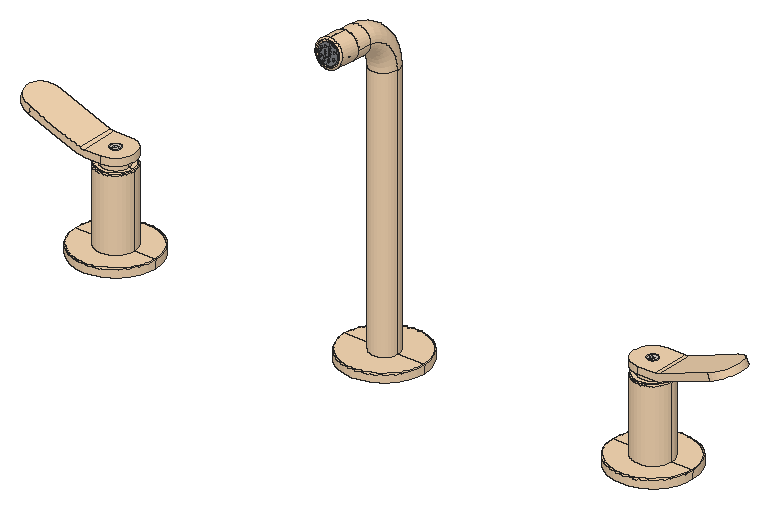
Revit family "Faucet-Wall_Mount-Bath_Spout-KALLISTA-Aileron-P33354", category Plumbing Fixtures, host Face, Revit 2021
Family settings
  Host = Face
  Round Connector Dimension = Use Diameter
  Part Type = Normal
  OmniClass Number = 23.31.11.00
  OmniClass Title = Faucets
  Cut with Voids When Loaded = No
  Shared = No
  Room Calculation Point = No
Parameters (values of type "2MB-Brushed Brass")
  Width [instance] = 15.74803"
  WaterSense Certified = 1 = 0  # no
  Waste Water Outlet = "Waste Water Outlet"  # constant formula
  Waste Connection = 1 = 0  # no
  Vent Connection = 1 = 0  # no
  URL = "https://www.kallista.com/"
  Type = 1
  Spout Reach = 8.88976"  # constant formula
  Product Page URL = ""
  Product Name = "Aileron"  # constant formula
  Product Documentation Link = ""
  Pressure = 4.50 psi  # constant formula
  Model = if(Type = 1, "P33354-LV-2MB", if(Type = 2, "P33354-LV-BGP", if(Type = 3, "P33354-LV-BL", if(Type = 4, "P33354-LV-BLH", if(Type = 5, "P33354-LV-BN", if(Type = 6, "P33341-LV-CP", "NA"))))))  # "P33354-LV-2MB"
  Material = "Premium Metal Construction"  # constant formula
  Master Format 2014 Name = "Residential Faucets, Supplies, and Trim"  # constant formula
  Master Format 2014 = "22 41 39"  # constant formula
  Manufacturer Address = "444 Highland Dr, Kohler, WI 53044"  # constant formula
  Manufacturer = "Kallista Co."  # constant formula
  Length = Spout Reach  # 8.88976"
  Hot Water Inlet = "Hot Water Inlet"  # constant formula
  Height = 2.3622"  # constant formula
  Handle Clearance = 2.55598"  # constant formula
  HW Connection = 1 = 1  # yes
  Flow Rate = 1.2 GPM  # constant formula
  Finish = Kallista-Metal-2MB- Brushed_Brass
  Faucet Hole Spacing [instance] = 15.74803"  # constant formula
  Environmental Product Declaration = ""
  Drain Included = 1 = 1  # yes
  Description = "Wall Mount With Despread Faucet, Elongated"  # constant formula
  Default Elevation = 36"
  Declare Label = ""
  Date Modified = "10/24/2024"  # constant formula
  Date Created = "10/24/2024"  # constant formula
  Copyright = "Copyright Kallista Co."  # constant formula
  Contact Us = "https://www.kallista.com/corporate/contact-us/"
  Cold Water Inlet = "Cold Water Inlet"  # constant formula
  CW Connection = 1 = 1  # yes
  Assembly Code = "D2010"
  ADA Compliant = 1 = 0  # no
Reference planes (in)
  plane 1 "Center (Front/Back)": y = 0
  plane 2: z = 0
  plane 3 "Center (Left/Right)": x = 0
  plane 4: y = 1.1811
  plane 5: y = -1.1811
  plane 6: x = -1.1811
  plane 7: x = 1.1811
  plane 8: x = 6.69291
  plane 9: x = 9.05512
  plane 10: x = -6.69291
  plane 11: x = -9.05512
  plane 12: x = -0.39844
  plane 13: x = 0.3937
  plane 14: z = 3.54331
  plane 15: z = 9.27165
  plane 16: x = -8.4252
  plane 17: x = -7.32283
  plane 18: x = 7.32283
  plane 19: x = 8.4252
  plane 20: through (12.99213, -180, 4.51026) normal (0.342, 0, -0.9397)
  plane 21: through (12.99213, -180, 4.30078) normal (0.342, 0, -0.9397)
  plane 22: z = 2.83021
  plane 23: through (-12.99213, -180, 4.30078) normal (0.342, 0, 0.9397)
  plane 24: through (-12.99213, -180, 4.51026) normal (0.342, 0, 0.9397)
  plane 25: through (0, -2.03132, 9.28253) normal (0, -0.9962, 0.0872)
  plane 26: z = 8.88976
  plane 27: through (0, 1.1811, 8.21294) normal (0, 0.0872, 0.9962)
  plane 28: y = 0.3937
  plane 29: y = -0.3937
  plane 30: x = -7.87402
  plane 31: x = 7.87402
  plane 32: x = -10.43
  plane 33: x = 10.43
  plane 34: y = -2.09397
Forms (in)
  Extrusion 1, solid, material "Kallista-Metal-2MB- Brushed_Brass" <- "Finish", detail levels medium+fine
    sketch origin (0, 0, 0) x (1, 0, 0) y (0, 1, 0)
      loop
        circle (7.87402, 0) r 0.03937
    from 0 to 0.03248
  Extrusion 2, solid, material "Kallista-Metal-2MB- Brushed_Brass" <- "Finish", detail levels medium+fine
    sketch origin (0, 0, 0) x (1, 0, 0) y (0, 1, 0)
      loop
        circle (-7.87402, 0) r 0.03937
    from 0 to 0.03137
Dimensions and locks (in)
  plane 15 to level = 9.27165"
  plane 6 to plane 7 = 2.3622"  (x2)
  plane 12 to plane 13 = 0.79214"
  plane 8 to plane 9 = 2.3622"
  plane 11 to plane 10 = 2.3622"
  "Height": plane 4 to plane 5
  "Length": level to plane 26
  level to plane 15 = 9.27165"
  equal spacing: plane 30, plane 3 "Center (Left/Right)", plane 31
  "Width": plane 30 to plane 31
  plane 16 to plane 30 = 0.55118"
  plane 11 to plane 30 = 1.1811"
  "Handle Clearance": plane 32 to plane 30
  plane 30 to plane 17 = 0.55118"
  plane 30 to plane 10 = 1.1811"
  "Handle Clearance": plane 31 to plane 33
  plane 31 to plane 9 = 1.1811"
  plane 31 to plane 19 = 0.55118"
  plane 18 to plane 31 = 0.55118"
  plane 8 to plane 31 = 1.1811"
  aligned and locked: plane 2 to host face
  aligned and locked: level to host face
  aligned and locked: plane 3 "Center (Left/Right)" to nested 1
  aligned and locked: plane 1 "Center (Front/Back)" to nested 1
  aligned and locked: nested 3 to plane 30
  aligned and locked: nested 2 to plane 31
Automatic sketch dimensions
  host sketch curve to host sketch curve = 96"  (x2)
  plane 1 "Center (Front/Back)" to Extrusion 1 sketch curve = 0"
  Extrusion 1 sketch curve to plane 31 = 0"
  plane 1 "Center (Front/Back)" to Extrusion 2 sketch curve = 0"
  Extrusion 2 sketch curve to plane 30 = 0"
  radius of Extrusion 1 sketch curve = 0.03937"
  radius of Extrusion 2 sketch curve = 0.03937"
Nested families (in)
  nested 1: "P33354_Spout" at (0, 0, 0), type "P33354_Faucet"
  nested 2: "P33354_Handle" at (7.87402, 0, 0), type "P33354_Handle"
  nested 3: "P33354_Handle" at (-7.87402, 0, 0) x (-1, 0, 0) z (0, 0, 1), type "P33354_Handle"
Connectors (in)
  piping at (-7.87402, 0, 0), diameter 0.5, driven by "Flow Rate", driven by "Pressure", driven by "HW Connection", driven by "Hot Water Inlet"
    settings: on Extrusion 2, index 1, connector inside diameter 24", connector length 0", flow factor 0, pipe flow 1.2 GPM, pressure drop 4.50 psi, fitting loss kfactor 0, connector angle 0.00°, fixture units 0, engagement length 0", angle of deflection 0.00°, flow configuration 1, flow direction 1, fitting loss method 4, system type 19, joint type 0, gender type 0, connector reference index -1, connector utility 1, adjustable connector no, is connector primary yes, connector description "Hot Water Inlet"
  piping at (7.87402, 0, 0), diameter 0.5, driven by "Flow Rate", driven by "Pressure", driven by "CW Connection", driven by "Cold Water Inlet"
    settings: on Extrusion 1, index 2, connector inside diameter 24", connector length 0", flow factor 0, pipe flow 1.2 GPM, pressure drop 4.50 psi, fitting loss kfactor 0, connector angle 0.00°, fixture units 0, engagement length 0", angle of deflection 0.00°, flow configuration 1, flow direction 1, fitting loss method 4, system type 20, joint type 0, gender type 0, connector reference index -1, connector utility 1, adjustable connector no, is connector primary no, connector description "Cold Water Inlet"
Definition of nested family "P33354_Spout"
  Parameters
    Material = none
    Default Elevation = 0"
  Reference planes (in)
    plane 1 "Center (Front/Back)": y = 0
    plane 2: z = 0
    plane 3 "Center (Left/Right)": x = 0
    plane 4: x = -3.93701
    plane 5: x = 3.93701
    plane 6: y = 1.1811
    plane 7: y = -1.1811
    plane 8: x = 2.75591
    plane 9: x = 5.11811
    plane 10: x = -5.11811
    plane 11: x = -2.75591
    plane 12: x = -1.1811
    plane 13: x = 1.1811
    plane 14: z = 9.27165
    plane 15: z = 8.88976
    plane 16: through (0, -2.07337, 8.88976) normal (0, 0.0872, 0.9962)
    plane 17: y = -0.3937
    plane 18: y = 0.3937
    plane 19: y = 0.55118
    plane 20: y = -0.55118
    plane 21 "R": through (0, -2.06574, 8.8891) normal (0, 0.9962, -0.0872)
    plane 22: x = -0.3937
    plane 23: x = 0.3937
    plane 24: x = -0.3937
    plane 25: x = 0.3937
    plane 26: through (0, -1.1811, 9.20379) normal (0, 0.0872, 0.9962)
    plane 27: through (0, -1.24919, 8.42556) normal (0, 0.0872, 0.9962)
    plane 28: y = -2.09397
  Forms (in)
    Revolve 1, solid, material <- "Material", detail levels medium+fine
      sketch origin (0, 0, 0) x (1, 0, 0) y (0, 0, 1)
        loop
          line (0, 0.00541) -> (1.1811, 0.00541) -> (1.1811, 0.2222)
          arc (1.1811, 0.2222) -> (1.17534, 0.23611) -> (1.16142, 0.24188) r 0.01969
          line (1.16142, 0.24188) -> (0, 0.24188) -> (0, 0.00541)
        axis (0, 0.00541) -> (0, 0.24188)
      angle from 0 to 360
    Sweep 2, solid, material <- "Material", detail levels medium+fine
      path origin (0, 0, 0) x (0, 1, 0) y (0, 0, 1)
        loop
          line (-1.43996, 8.83435) -> (-1.00629, 8.79641)
          arc (-1.00629, 8.79641) -> (-0.28962, 8.44298) -> (0, 7.69824) r 1.10236
          line (0, 7.69824) -> (0, 0.23376)
      profile origin (0, 0, 0.23376) x (1, 0, 0) y (0, 1, 0)
        loop
          circle (0, 0) r 0.3937
    Revolve 3, solid, material <- "Material", detail levels medium+fine
      sketch origin (0, 0, 0) x (0, 1, 0) y (0, 0, 1)
        loop
          line (-1.43844, 8.83421) -> (-1.40605, 9.20443) -> (-1.42611, 9.22834) -> (-1.99338, 9.27797)
          arc (-1.99338, 9.27797) -> (-2.02126, 9.26918) -> (-2.03476, 9.24325) r 0.0382
          line (-2.03476, 9.24325) -> (-2.06574, 8.8891) -> (-1.43844, 8.83421)
        axis (-1.43844, 8.83421) -> (-2.06574, 8.8891)
      angle from 0 to 360
    Revolve 4, void
      sketch origin (0, 0, 0) x (0, 1, 0) y (0, 0, 1)
        loop
          line (-1.51745, 8.84113) -> (-1.48922, 9.16377) -> (-2.04514, 9.21241) -> (-2.07337, 8.88976) -> (-1.51745, 8.84113)
        axis (-1.51745, 8.84113) -> (-2.07337, 8.88976)
      angle from 0 to 360
    Revolve 5, solid, detail levels medium+fine
      sketch origin (0, 0, 0) x (0, 1, 0) y (0, 0, 1)
        loop
          line (-1.51745, 8.84113) -> (-1.49246, 9.12676) -> (-2.04075, 9.17473) -> (-2.06574, 8.8891) -> (-1.51745, 8.84113)
        axis (-1.51745, 8.84113) -> (-2.06574, 8.8891)
      angle from 0 to 360
    Extrusion 6, void
      sketch origin (0, -2.82184, 0.24688) x (0, -0.087156, -0.996195) y (-1, 0, 0)
        loop
          circle (-8.84247, -0.05622) r 0.03937
        loop
          circle (-8.76225, -0.19518) r 0.03937
        loop
          circle (-8.73304, -0.08616) r 0.03937
        loop
          circle (-8.70619, 0.06612) r 0.03937
        loop
          circle (-8.84657, 0.06612) r 0.03937
        loop
          circle (-8.78326, 0.17577) r 0.03937
        loop
          circle (-8.69251, 0.22817) r 0.03937
        loop
          circle (-8.5796, 0.06692) r 0.03937
        loop
          circle (-8.5796, 0.18815) r 0.03937
        loop
          circle (-8.47664, 0.08519) r 0.03937
        loop
          circle (-8.61583, -0.05401) r 0.03937
        loop
          circle (-8.57813, -0.19472) r 0.03937
        loop
          circle (-8.50209, -0.06301) r 0.03937
      from -0.33233 to 0.26894
    Revolve 7, solid, material <- "Material", detail levels coarse
      sketch origin (0, 0, 0) x (0, 1, 0) y (0, 0, 1)
        loop
          line (1.1811, 0.2414) -> (0, 0.2414) -> (0, 0) -> (1.1811, 0) -> (1.1811, 0.2414)
        axis (0, 0) -> (0, 0.2414)
      angle from 0 to 360
    Sweep 8, solid, material <- "Material", detail levels coarse
      path origin (0, 0, 0) x (0, 1, 0) y (0, 0, 1)
        loop
          line (-2.06574, 8.8891) -> (-1.07816, 8.80269)
          arc (-1.07816, 8.80269) -> (-0.3103, 8.42403) -> (0, 7.62609) r 1.1811
          line (0, 7.62609) -> (0, 0.2414)
      profile origin (0, 0, 0.2414) x (1, 0, 0) y (0, 1, 0)
        loop
          circle (-0.00237, -0.00114) r 0.39607
  Cuts and joins
    Revolve 4 cuts Revolve 3
    joined: Sweep 2, Revolve 3
    Extrusion 6 cuts Revolve 5
  Lines and regions (in)
    Masking region 1
      outline origin (0, 0, 0) x (1, 0, 0) y (0, 0, 1)
        loop
          line (-1.1811, 0.17912) -> (-1.1811, 0) -> (1.1811, 0) -> (1.1811, 0.21391)
          arc (1.1811, 0.21391) -> (1.17304, 0.23338) -> (1.15357, 0.24145) r 0.02754
          line (1.15357, 0.24145) -> (0.3937, 0.24145) -> (0.3937, 8.88036)
          arc (0.3937, 8.88036) -> (0, 9.27406) -> (-0.3937, 8.88036) r 0.3937
          line (-0.3937, 8.88036) -> (-0.3937, 0.24145) -> (-1.11878, 0.24145)
          arc (-1.11878, 0.24145) -> (-1.16285, 0.22319) -> (-1.1811, 0.17912) r 0.06233
    Masking region 2
      outline origin (0, 0, 0) x (1, 0, 0) y (0, 1, 0)
        loop
          arc (0.3937, -1.11355) -> (0.52857, -1.05623) -> (0.65529, -0.98265) r 1.1811
          arc (0.65529, -0.98265) -> (-0.14626, 1.17201) -> (-0.3937, -1.11355) r 1.1811
          line (-0.3937, -1.11355) -> (-0.3937, -1.43225)
          arc (-0.3937, -1.43225) -> (-0.38242, -1.44524) -> (-0.36553, -1.44852) r 0.02638
          arc (-0.36553, -1.44852) -> (-0.38036, -1.45535) -> (-0.3937, -1.46478) r 0.0889
          line (-0.3937, -1.46478) -> (-0.3937, -2.0201)
          arc (-0.3937, -2.0201) -> (-0.37414, -2.05083) -> (-0.34342, -2.07039) r 0.08403
          arc (-0.34342, -2.07039) -> (-0.24016, -2.08322) -> (-0.13644, -2.0915) r 2.36663
          arc (-0.13644, -2.0915) -> (-0.03518, -2.09517) -> (0.06615, -2.09451) r 2.36663
          arc (0.06615, -2.09451) -> (0.20514, -2.08653) -> (0.34342, -2.07039) r 2.36663
          arc (0.34342, -2.07039) -> (0.37414, -2.05083) -> (0.3937, -2.0201) r 0.08403
          line (0.3937, -2.0201) -> (0.3937, -1.46478)
          arc (0.3937, -1.46478) -> (0.38036, -1.45535) -> (0.36553, -1.44852) r 0.0889
          arc (0.36553, -1.44852) -> (0.38242, -1.44524) -> (0.3937, -1.43225) r 0.02638
          line (0.3937, -1.43225) -> (0.3937, -1.11355)
    Masking region 3
      outline origin (0, 0, 0) x (0, 1, 0) y (0, 0, 1)
        loop
          line (-0.3937, 7.53545) -> (-0.3937, 0.2414) -> (-1.16142, 0.2414)
          arc (-1.16142, 0.2414) -> (-1.17534, 0.23564) -> (-1.1811, 0.22172) r 0.01969
          line (-1.1811, 0.22172) -> (-1.1811, 0) -> (1.1811, 0) -> (1.1811, 0.22172)
          arc (1.1811, 0.22172) -> (1.17534, 0.23564) -> (1.16142, 0.2414) r 0.01969
          line (1.16142, 0.2414) -> (0.3937, 0.2414) -> (0.3937, 7.62609)
          arc (0.3937, 7.62609) -> (-0.02004, 8.69001) -> (-1.04385, 9.1949) r 1.5748
          line (-1.04385, 9.1949) -> (-1.40565, 9.22655) -> (-1.40839, 9.19517) -> (-1.42651, 9.22379) -> (-1.97969, 9.27219)
          arc (-1.97969, 9.27219) -> (-2.00822, 9.26926) -> (-2.03364, 9.25598) r 0.07609
          line (-2.03364, 9.25598) -> (-2.09784, 8.52222)
          arc (-2.09784, 8.52222) -> (-2.07511, 8.50472) -> (-2.04752, 8.49688) r 0.07609
          line (-2.04752, 8.49688) -> (-1.49434, 8.44848) -> (-1.47153, 8.47352) -> (-1.47428, 8.44215) -> (-1.28373, 8.42548)
          arc (-1.28373, 8.42548) -> (-0.65438, 8.1648) -> (-0.3937, 7.53545) r 0.89003
    symbolic lines, detail levels medium+fine
      curve 1: line (-0.3937, 0, 0.24145) -> (0.3937, 0, 0.24145)
      curve 2: line (-1.1811, 0, 0.17912) -> (1.1811, 0, 0.17912)
      curve 3: line (0.3937, -0.00114, 0) -> (0.3937, -1.11403, 0)
      curve 4: line (-0.39844, -1.11403, 0) -> (-0.39844, -0.00114, 0)
      curve 5: arc (-0.39844, -0.00114, 0) -> (-0.00237, 0.39493, 0) -> (0.3937, -0.00114, 0) r 0.39607
      curve 6: arc (-0.37388, -2.05108, 0) -> (0.00089, -2.02255, 0) -> (0.37566, -2.05108, 0) r 2.47591
      curve 7: spline (-0.35136, -2.06703, 0) -> (-0.33939, -2.06404, 0) -> (-0.30429, -2.06126, 0) -> (-0.24845, -2.05887, 0) -> (-0.17568, -2.05703, 0) -> (-0.09094, -2.05588, 0) -> (0, -2.05548, 0) -> (0.09094, -2.05588, 0) -> (0.17568, -2.05703, 0) -> (0.24845, -2.05887, 0) -> (0.30429, -2.06126, 0) -> (0.33939, -2.06404, 0) -> (0.35136, -2.06703, 0) -> (0.33939, -2.07002, 0) -> (0.30429, -2.0728, 0) -> (0.24845, -2.0752, 0) -> (0.17568, -2.07703, 0) -> (0.09094, -2.07819, 0) -> (0, -2.07858, 0) -> (-0.09094, -2.07819, 0) -> (-0.17568, -2.07703, 0) -> (-0.24845, -2.0752, 0) -> (-0.30429, -2.0728, 0) -> (-0.33939, -2.07002, 0) -> (-0.35136, -2.06703, 0)
      curve 8: arc (-0.39844, -1.11403, 0) -> (-0.00237, -1.18344, 0) -> (0.3937, -1.11403, 0) r 1.16478
      curve 9: line (-0.36553, -1.44852, 0) -> (0.37497, -1.44852, 0)
      curve 10: line (-0.3937, -1.43225, 0) -> (0.37374, -1.43225, 0)
      curve 11: line (-0.3937, -1.46478, 0) -> (0.3937, -1.46478, 0)
      curve 12: line (-0.3937, -1.46478, 0) -> (0.37566, -2.05108, 0)
      curve 13: line (-0.32933, -1.46478, 0) -> (0.37322, -2.00017, 0)
      curve 14: line (-0.26496, -1.46478, 0) -> (0.3937, -1.96672, 0)
      curve 15: line (-0.20059, -1.46478, 0) -> (0.3937, -1.91767, 0)
      curve 16: line (-0.13622, -1.46478, 0) -> (0.3937, -1.86861, 0)
      curve 17: line (-0.07185, -1.46478, 0) -> (0.3937, -1.81956, 0)
      curve 18: line (-0.00748, -1.46478, 0) -> (0.3937, -1.77051, 0)
      curve 19: line (0.05689, -1.46478, 0) -> (0.3937, -1.72145, 0)
      curve 20: line (0.12126, -1.46478, 0) -> (0.3937, -1.6724, 0)
      curve 21: line (0.18563, -1.46478, 0) -> (0.3937, -1.62335, 0)
      curve 22: line (0.25, -1.46478, 0) -> (0.3937, -1.57429, 0)
      curve 23: line (0.18563, -1.46478, 0) -> (0.3937, -1.62335, 0)
      curve 24: line (0.12009, -1.46478, 0) -> (0.38159, -1.66406, 0)
      curve 25: line (-0.3937, -1.51307, 0) -> (0.2984, -2.04049, 0)
      curve 26: line (-0.37858, -1.57289, 0) -> (0.22481, -2.0327, 0)
      curve 27: line (-0.3937, -1.60965, 0) -> (0.15437, -2.02732, 0)
      curve 28: line (-0.3937, -1.65794, 0) -> (0.08671, -2.02404, 0)
      curve 29: line (-0.3937, -1.707, 0) -> (0.02049, -2.02263, 0)
      curve 30: line (-0.3937, -1.75605, 0) -> (-0.04346, -2.02295, 0)
      curve 31: line (-0.3937, -1.80434, 0) -> (-0.10441, -2.02479, 0)
      curve 32: line (-0.3937, -1.85339, 0) -> (-0.16447, -2.02808, 0)
      curve 33: line (-0.3937, -1.90245, 0) -> (-0.2228, -2.03268, 0)
      curve 34: line (-0.39453, -1.92351, 0) -> (-0.27955, -2.03849, 0)
      curve 35: line (-0.3937, -1.9815, 0) -> (-0.31353, -2.0426, 0)
      curve 36: line (-0.37388, -2.05108, 0) -> (0.3937, -1.46478, 0)
      curve 37: line (-0.29934, -2.04082, 0) -> (0.3937, -1.51146, 0)
      curve 38: line (-0.22657, -2.03302, 0) -> (0.3937, -1.55925, 0)
      curve 39: line (-0.1569, -2.02759, 0) -> (0.3937, -1.60703, 0)
      curve 40: line (-0.08993, -2.02422, 0) -> (0.3937, -1.65481, 0)
      curve 41: line (-0.02538, -2.02269, 0) -> (0.3937, -1.70259, 0)
      curve 42: line (0.03701, -2.02282, 0) -> (0.3937, -1.75037, 0)
      curve 43: line (0.09745, -2.02444, 0) -> (0.3937, -1.79815, 0)
      curve 44: line (0.15609, -2.02742, 0) -> (0.3937, -1.84593, 0)
      curve 45: line (0.2131, -2.03167, 0) -> (0.3937, -1.89372, 0)
      curve 46: line (0.26161, -2.03632, 0) -> (0.3937, -1.93542, 0)
      curve 47: line (0.31733, -2.04286, 0) -> (0.37322, -2.00017, 0)
      curve 48: line (-0.3937, -2.01844, 0) -> (0.33115, -1.46478, 0)
      curve 49: line (-0.3937, -1.97066, 0) -> (0.26859, -1.46478, 0)
      curve 50: line (-0.39453, -1.92351, 0) -> (0.20603, -1.46478, 0)
      curve 51: line (-0.3937, -1.87509, 0) -> (0.14348, -1.46478, 0)
      curve 52: line (-0.3937, -1.82731, 0) -> (0.08092, -1.46478, 0)
      curve 53: line (-0.3937, -1.77953, 0) -> (0.01837, -1.46478, 0)
      curve 54: line (-0.3937, -1.73175, 0) -> (-0.04419, -1.46478, 0)
      curve 55: line (-0.3937, -1.68265, 0) -> (-0.10847, -1.46478, 0)
      curve 56: line (-0.3937, -1.63354, 0) -> (-0.17276, -1.46478, 0)
      curve 57: line (-0.37858, -1.57289, 0) -> (-0.23704, -1.46478, 0)
      curve 58: line (-0.3937, -1.53534, 0) -> (-0.30133, -1.46478, 0)
      curve 59: arc (-0.39844, -0.00114, 0) -> (-0.00237, 0.31356, 0) -> (0.3937, -0.00114, 0) r 0.40659
      curve 60: line (-0.39844, -1.06482, 0) -> (0.3937, -1.06482, 0)
      curve 61: line (0, 0.3937, 0.2414) -> (0, -0.3937, 0.2414)
      curve 62: line (0, 1.1811, 0.22172) -> (0, -1.1811, 0.22172)
      curve 63: line (0, 0.3937, 7.62609) -> (0, -0.3937, 7.62609)
      curve 64: line (0, -1.40839, 9.19517) -> (0, -1.47153, 8.47353)
      curve 65: line (0, -1.1811, 9.20691) -> (0, -1.1811, 8.41954)
      curve 66: line (0, -1.47153, 8.47353) -> (0, -1.97969, 9.27219)
      curve 67: line (0, -1.49937, 8.44569) -> (0, -2.02773, 9.26023)
      curve 68: line (0, -1.54978, 8.45333) -> (0, -2.03537, 9.21651)
      curve 69: line (0, -1.59802, 8.45755) -> (0, -2.04239, 9.15596)
      curve 70: line (0, -1.64626, 8.46177) -> (0, -2.0479, 9.09302)
      curve 71: line (0, -1.69449, 8.46599) -> (0, -2.05341, 9.03009)
      curve 72: line (0, -1.74273, 8.47021) -> (0, -2.05891, 8.96715)
      curve 73: line (0, -1.79097, 8.47443) -> (0, -2.06442, 8.90421)
      curve 74: line (0, -1.8392, 8.47865) -> (0, -2.06992, 8.84127)
      curve 75: line (0, -1.88744, 8.48287) -> (0, -2.07543, 8.77833)
      curve 76: line (0, -1.93568, 8.48709) -> (0, -2.08094, 8.71539)
      curve 77: line (0, -1.98392, 8.49131) -> (0, -2.08644, 8.65246)
      curve 78: line (0, -2.03215, 8.49553) -> (0, -2.09195, 8.58952)
      curve 79: line (0, -1.46602, 8.53647) -> (0, -1.93145, 9.26797)
      curve 80: line (0, -1.46052, 8.5994) -> (0, -1.88322, 9.26375)
      curve 81: line (0, -1.45501, 8.66234) -> (0, -1.83498, 9.25953)
      curve 82: line (0, -1.44951, 8.72528) -> (0, -1.78674, 9.25531)
      curve 83: line (0, -1.444, 8.78822) -> (0, -1.73851, 9.25109)
      curve 84: line (0, -1.43849, 8.85116) -> (0, -1.69027, 9.24687)
      curve 85: line (0, -1.43299, 8.9141) -> (0, -1.64203, 9.24265)
      curve 86: line (0, -1.42748, 8.97703) -> (0, -1.59379, 9.23843)
      curve 87: line (0, -1.42197, 9.03997) -> (0, -1.54556, 9.23421)
      curve 88: line (0, -1.41647, 9.10291) -> (0, -1.49732, 9.22999)
      curve 89: line (0, -1.41096, 9.16585) -> (0, -1.44908, 9.22577)
      curve 90: line (0, -1.40839, 9.19517) -> (0, -2.10193, 8.50164)
      curve 91: line (0, -1.42953, 9.22839) -> (0, -2.09421, 8.56371)
      curve 92: line (0, -1.43473, 9.22451) -> (0, -2.09408, 8.56517)
      curve 93: line (0, -1.48593, 9.22899) -> (0, -2.08874, 8.62618)
      curve 94: line (0, -1.53713, 9.23347) -> (0, -2.0834, 8.6872)
      curve 95: line (0, -1.58833, 9.23795) -> (0, -2.07807, 8.74821)
      curve 96: line (0, -1.63953, 9.24243) -> (0, -2.07273, 8.80923)
      curve 97: line (0, -1.69073, 9.24691) -> (0, -2.06739, 8.87025)
      curve 98: line (0, -1.74192, 9.25139) -> (0, -2.06205, 8.93126)
      curve 99: line (0, -1.79312, 9.25587) -> (0, -2.05671, 8.99228)
      curve 100: line (0, -1.84432, 9.26035) -> (0, -2.05137, 9.05329)
      curve 101: line (0, -1.89552, 9.26483) -> (0, -2.04604, 9.11431)
      curve 102: line (0, -1.94672, 9.26931) -> (0, -2.0407, 9.17533)
      curve 103: line (0, -1.41361, 9.13561) -> (0, -2.05195, 8.49727)
      curve 104: line (0, -1.41894, 9.0746) -> (0, -2.00075, 8.49279)
      curve 105: line (0, -1.42428, 9.01358) -> (0, -1.94955, 8.48831)
      curve 106: line (0, -1.42962, 8.95256) -> (0, -1.89836, 8.48383)
      curve 107: line (0, -1.43496, 8.89155) -> (0, -1.84716, 8.47935)
      curve 108: line (0, -1.44017, 8.83199) -> (0, -1.79718, 8.47498)
      curve 109: line (0, -1.44551, 8.77097) -> (0, -1.74598, 8.4705)
      curve 110: line (0, -1.45085, 8.70995) -> (0, -1.69478, 8.46602)
      curve 111: line (0, -1.45618, 8.64894) -> (0, -1.64358, 8.46154)
      curve 112: line (0, -1.45996, 8.60579) -> (0, -1.60738, 8.45837)
      curve 113: line (0, -1.45996, 8.60579) -> (0, -1.60738, 8.45837)
  Dimensions and locks (in)
    aligned and locked: plane 2 to level
Definition of nested family "P33354_Handle"
  Parameters
    Material = none
    Handle Height [instance] = 3.54331"
    Default Elevation = 0"
  Reference planes (in)
    plane 1 "Center (Front/Back)": y = 0
    plane 2: z = 0
    plane 3 "Center (Left/Right)": x = 0
    plane 4: x = -3.93701
    plane 5: x = 3.93701
    plane 6: y = 1.1811
    plane 7: y = -1.1811
    plane 8: x = 2.75591
    plane 9: x = 5.11811
    plane 10: x = -5.11811
    plane 11: x = -2.75591
    plane 12: x = -1.1811
    plane 13: x = 1.1811
    plane 14: z = 9.27165
    plane 15: z = 8.88976
    plane 16: through (0, -2.07337, 8.88976) normal (0, 0.0872, 0.9962)
    plane 17: y = -0.3937
    plane 18: y = 0.3937
    plane 19: y = 0.55118
    plane 20: y = -0.55118
    plane 21: z = 3.54331
    plane 22: z = 2.36839
    plane 23: z = 2.83021
    plane 24: x = 0.55118
    plane 25: x = -0.55118
    plane 26: through (2.2361, -180, 3.4613) normal (-0.342, 0, 0.9397)
    plane 27: through (2.30342, -180, 3.27632) normal (-0.342, 0, 0.9397)
    plane 28: x = -0.55118
    plane 29: x = 2.55599
  Forms (in)
    Revolve 1, solid, material <- "Material", detail levels medium+fine
      sketch origin (0, 0, 0) x (1, 0, 0) y (0, 0, 1)
        loop
          line (0, 2.37761) -> (-0.51598, 2.37761) -> (-0.53902, 2.35457)
          arc (-0.53902, 2.35457) -> (-0.54802, 2.3411) -> (-0.55118, 2.32521) r 0.04153
          line (-0.55118, 2.32521) -> (-0.55118, 0.24206) -> (0, 0.24206) -> (0, 2.37761)
        axis (0, 0.24206) -> (0, 2.37761)
      angle from 0 to 360
    Revolve 2, solid, material <- "Material", detail levels medium+fine
      sketch origin (0, 0, 0) x (1, 0, 0) y (0, 0, 1)
        loop
          line (0, 0.24206) -> (-1.16142, 0.24206)
          arc (-1.16142, 0.24206) -> (-1.17534, 0.23629) -> (-1.1811, 0.22237) r 0.01969
          line (-1.1811, 0.22237) -> (-1.1811, 0) -> (0, 0) -> (0, 0.24206)
        axis (0, 0) -> (0, 0.24206)
      angle from 0 to 360
    Revolve 3, solid, material <- "Material", detail levels medium+fine
      sketch origin (0, 0, 0) x (1, 0, 0) y (0, 0, 1)
        loop
          line (0, 2.37761) -> (0.39323, 2.37761) -> (0.39323, 2.50156)
          arc (0.39323, 2.50156) -> (0.41364, 2.55848) -> (0.46557, 2.58946) r 0.08958
          line (0.46557, 2.58946) -> (0, 2.58946) -> (0, 2.37761)
        axis (0, 2.37761) -> (0, 2.58946)
      angle from 0 to 360
    Sweep 4, solid, material <- "Material"
      path origin (0, 0, 0) x (1, 0, 0) y (0, 0, 1)
        loop
          line (-2.27206, 2.58331) -> (0.48384, 2.58331)
          arc (0.48384, 2.58331) -> (0.58674, 2.59255) -> (0.68635, 2.61996) r 0.57777
          line (0.68635, 2.61996) -> (3.91751, 3.82917)
      profile origin (-2.27206, 0, 2.58331) x (0, 0, -1) y (0, -1, 0)
        loop
          line (-0.19654, -0.55118) -> (0, -0.55118) -> (0, 0.55118) -> (-0.19654, 0.55118) -> (-0.19654, -0.55118)
    Extrusion 5, void
      sketch origin (0, 0, 0) x (1, 0, 0) y (0, 1, 0)
        loop
          line (0, 0.55118) -> (0, 0.88357) -> (-3.28265, 0.88357) -> (-3.28265, -1.47863) -> (0, -1.47863) -> (0, -0.55118)
          arc (0, -0.55118) -> (-0.55118, 0) -> (0, 0.55118) r 0.55118
      from 2.37761 to 4.80094
    Extrusion 6, void
      sketch origin (-0.77572, 0, 2.0728) x (0.936565, 0, 0.350495) y (0, -1, 0)
        loop
          line (3.08612, -0.55118) -> (2.38681, -0.55118) -> (2.38681, -0.94488) -> (5.16682, -0.94488) -> (5.16682, 0.94488) -> (2.38681, 0.94488) -> (2.38681, 0.55118) -> (3.08612, 0.55118)
          arc (3.08612, 0.55118) -> (3.6373, 0) -> (3.08612, -0.55118) r 0.55118
      from -0.5997 to 0.58587
    Extrusion 7, void
      sketch origin (0, 0, 0) x (1, 0, 0) y (0, 1, 0)
        loop
          circle (0, 0) r 0.15706
      from 2.6188 to 3.2359
    Extrusion 8, solid, detail levels medium+fine
      sketch origin (0, 0, 0) x (1, 0, 0) y (0, 1, 0)
        loop
          circle (0, 0) r 0.1378
      from 2.6188 to 2.77985
    Extrusion 9, void
      sketch origin (0, 0, 0) x (1, 0, 0) y (0, 1, 0)
        loop
          line (0.05666, -0.03967) -> (0.06269, 0.02923) -> (0.00603, 0.0689) -> (-0.05666, 0.03967) -> (-0.06269, -0.02923) -> (-0.00603, -0.0689) -> (0.05666, -0.03967)
      from 2.6188 to 3.13696
    Revolve 10, solid, material <- "Material", detail levels coarse
      sketch origin (0, 0, 0) x (1, 0, 0) y (0, 0, 1)
        loop
          line (0, 0.29174) -> (-1.1811, 0.29174) -> (-1.1811, 0) -> (0, 0) -> (0, 0.29174)
        axis (0, 0) -> (0, 0.29174)
      angle from 0 to 360
    Revolve 11, solid, material <- "Material", detail levels coarse
      sketch origin (0, 0, 0) x (1, 0, 0) y (0, 0, 1)
        loop
          line (0, 2.42683) -> (-0.55118, 2.42683) -> (-0.55118, 0.29174) -> (0, 0.29174) -> (0, 2.42683)
        axis (0, 0.29174) -> (0, 2.42683)
      angle from 0 to 360
    Revolve 12, solid, material <- "Material", detail levels coarse
      sketch origin (0, 0, 0) x (1, 0, 0) y (0, 0, 1)
        loop
          line (0, 2.58331) -> (-0.44935, 2.58331)
          arc (-0.44935, 2.58331) -> (-0.40832, 2.54659) -> (-0.39309, 2.49368) r 0.09953
          line (-0.39309, 2.49368) -> (-0.39309, 2.42683) -> (0, 2.42683) -> (0, 2.58331)
        axis (0, 2.42683) -> (0, 2.58331)
      angle from 0 to 360
  Cuts and joins
    joined: Revolve 1, Revolve 2
    Extrusion 5, Extrusion 6, Extrusion 7 cuts Sweep 4
    Extrusion 9 cuts Extrusion 8
  Lines and regions (in)
    Masking region 1
      outline origin (0, 0, 0) x (0, 1, 0) y (0, 0, 1)
        loop
          arc (0.55118, 3.31006) -> (0.47693, 3.37972) -> (0.3937, 3.43835) r 0.72892
          arc (0.3937, 3.43835) -> (0.20433, 3.51889) -> (0, 3.54331) r 0.72892
          arc (0, 3.54331) -> (-0.18716, 3.51445) -> (-0.36058, 3.43835) r 0.72892
          arc (-0.36058, 3.43835) -> (-0.46317, 3.36338) -> (-0.55118, 3.27173) r 0.72892
          line (-0.55118, 3.27173) -> (-0.55118, 2.60512)
          arc (-0.55118, 2.60512) -> (-0.54479, 2.5897) -> (-0.52937, 2.58331) r 0.02181
          line (-0.52937, 2.58331) -> (-0.45218, 2.58331)
          arc (-0.45218, 2.58331) -> (-0.40977, 2.55077) -> (-0.3937, 2.49979) r 0.08887
          line (-0.3937, 2.49979) -> (-0.3937, 2.36839) -> (-0.46702, 2.36839) -> (-0.50883, 2.36839) -> (-0.55118, 2.33873) -> (-0.55118, 0.24206) -> (-1.16142, 0.24206)
          arc (-1.16142, 0.24206) -> (-1.17534, 0.23629) -> (-1.1811, 0.22237) r 0.01969
          line (-1.1811, 0.22237) -> (-1.1811, 0) -> (1.1811, 0) -> (1.1811, 0.22237)
          arc (1.1811, 0.22237) -> (1.17534, 0.23629) -> (1.16142, 0.24206) r 0.01969
          line (1.16142, 0.24206) -> (0.55118, 0.24206) -> (0.55118, 2.33873) -> (0.50883, 2.36839) -> (0.3937, 2.36839) -> (0.3937, 2.49979)
          arc (0.3937, 2.49979) -> (0.40977, 2.55077) -> (0.45218, 2.58331) r 0.08887
          line (0.45218, 2.58331) -> (0.52937, 2.58331)
          arc (0.52937, 2.58331) -> (0.54479, 2.5897) -> (0.55118, 2.60512) r 0.02181
          line (0.55118, 2.60512) -> (0.55118, 3.31006)
    Masking region 2
      outline origin (0, 0, 0) x (1, 0, 0) y (0, 1, 0)
        loop
          arc (1.04461, 0.55118) -> (-1.1811, 0) -> (1.04461, -0.55118) r 1.1811
          line (1.04461, -0.55118) -> (2.00481, -0.55118)
          arc (2.00481, -0.55118) -> (2.55599, 0) -> (2.00481, 0.55118) r 0.55118
          line (2.00481, 0.55118) -> (1.04461, 0.55118)
    Masking region 3
      outline origin (0, 0, 0.04921) x (1, 0, 0) y (0, 0, 1)
        loop
          line (1.1811, 0) -> (1.1811, 0.22284)
          arc (1.1811, 0.22284) -> (1.17534, 0.23676) -> (1.16142, 0.24252) r 0.01969
          line (1.16142, 0.24252) -> (0.55118, 0.24252) -> (0.55118, 2.34215) -> (0.51572, 2.37761) -> (0.39323, 2.37761) -> (0.39323, 2.50631)
          arc (0.39323, 2.50631) -> (0.41635, 2.56132) -> (0.47182, 2.58329) r 0.07699
          arc (0.47182, 2.58329) -> (0.64765, 2.60701) -> (0.80802, 2.68282) r 0.57777
          line (0.80802, 2.68282) -> (2.51765, 3.30508)
          arc (2.51765, 3.30508) -> (2.55052, 3.33518) -> (2.55249, 3.37971) r 0.05827
          line (2.55249, 3.37971) -> (2.52521, 3.45488)
          arc (2.52521, 3.45488) -> (2.49473, 3.48805) -> (2.44971, 3.48972) r 0.0585
          line (2.44971, 3.48972) -> (0.71632, 2.85893)
          arc (0.71632, 2.85893) -> (0.62054, 2.80519) -> (0.5134, 2.78099) r 0.38123
          line (0.5134, 2.78099) -> (-0.55118, 2.78099) -> (-0.55118, 2.58331) -> (-0.47022, 2.58331)
          arc (-0.47022, 2.58331) -> (-0.41578, 2.56076) -> (-0.39323, 2.50631) r 0.07699
          line (-0.39323, 2.50631) -> (-0.39323, 2.37761) -> (-0.51572, 2.37761) -> (-0.55118, 2.34215) -> (-0.55118, 0.24252) -> (-1.16142, 0.24252)
          arc (-1.16142, 0.24252) -> (-1.17534, 0.23676) -> (-1.1811, 0.22284) r 0.01969
          line (-1.1811, 0.22284) -> (-1.1811, 0) -> (1.1811, 0)
    symbolic lines, detail levels medium+fine
      curve 1: arc (0, 0.3937, 3.2645) -> (0, 0, 3.35306) -> (0, -0.3937, 3.2645) r 0.91946
      curve 2: arc (0, 0.55118, 3.15447) -> (0, 0.47705, 3.21609) -> (0, 0.3937, 3.2645) r 0.57666
      curve 3: arc (0, -0.3937, 3.2645) -> (0, -0.47705, 3.21609) -> (0, -0.55118, 3.15447) r 0.57666
      curve 4: line (0, 0.55118, 0.24206) -> (0, -0.55118, 0.24206)
      curve 5: line (0, 1.1811, 0.22237) -> (0, -1.1811, 0.22237)
      curve 6: line (0, 0.3937, 2.36839) -> (0, -0.3937, 2.36839)
      curve 7: line (0, 0.55118, 2.33873) -> (0, -0.55118, 2.33873)
      curve 8: line (0, 0.45218, 2.58331) -> (0, -0.45218, 2.58331)
      curve 9: line (0, 0.39959, 2.51923) -> (0, -0.40374, 2.51923)
      curve 10: line (0, 0.55118, 2.60512) -> (0, -0.55118, 2.60512)
      curve 11: line (0, 0.55118, 1.60121) -> (0, -0.55118, 1.60121)
      curve 12: line (0, 0.55118, 1.60121) -> (0, -0.55118, 2.33873)
      curve 13: line (0, -0.45582, 2.23114) -> (0, -0.55118, 2.29495)
      curve 14: line (0, 0.48574, 1.60121) -> (0, -0.49122, 2.25483)
      curve 15: line (0, 0.42519, 1.60121) -> (0, -0.55118, 2.25444)
      curve 16: line (0, 0.36167, 1.60121) -> (0, -0.55118, 2.21194)
      curve 17: line (0, 0.30112, 1.60121) -> (0, -0.55118, 2.17143)
      curve 18: line (0, 0.55118, 1.6437) -> (0, -0.48766, 2.33873)
      curve 19: line (0, 0.55118, 1.69087) -> (0, -0.41715, 2.33873)
      curve 20: line (0, 0.55118, 2.33873) -> (0, -0.55118, 1.60121)
      curve 21: line (0, 0.48381, 2.33873) -> (0, -0.55118, 1.64628)
      curve 22: line (0, 0.31653, 2.27419) -> (0, -0.55118, 1.69365)
      curve 23: line (0, 0.3422, 2.33873) -> (0, -0.55118, 1.74102)
      curve 24: line (0, 0.2714, 2.33873) -> (0, -0.55118, 1.78839)
      curve 25: line (0, 0.2006, 2.33873) -> (0, -0.55118, 1.83576)
      curve 26: line (0, 0.1298, 2.33873) -> (0, -0.55118, 1.88313)
      curve 27: line (0, 0.059, 2.33873) -> (0, -0.55118, 1.9305)
      curve 28: line (0, -0.0118, 2.33873) -> (0, -0.55118, 1.97787)
      curve 29: line (0, -0.0826, 2.33873) -> (0, -0.55118, 2.02523)
      curve 30: line (0, -0.1534, 2.33873) -> (0, -0.55118, 2.0726)
      curve 31: line (0, -0.22421, 2.33873) -> (0, -0.55118, 2.11997)
      curve 32: line (0, -0.29501, 2.33873) -> (0, -0.55118, 2.16734)
      curve 33: line (0, -0.36581, 2.33873) -> (0, -0.55118, 2.21471)
      curve 34: line (0, -0.43661, 2.33873) -> (0, -0.55118, 2.26208)
      curve 35: line (0, -0.50741, 2.33873) -> (0, -0.55118, 2.30945)
      curve 36: line (0, 0.55118, 2.29136) -> (0, -0.48038, 1.60121)
      curve 37: line (0, 0.55118, 2.24399) -> (0, -0.40958, 1.60121)
      curve 38: line (0, 0.55118, 2.19663) -> (0, -0.33878, 1.60121)
      curve 39: line (0, 0.55118, 2.14926) -> (0, -0.26798, 1.60121)
      curve 40: line (0, 0.55118, 2.10189) -> (0, -0.19718, 1.60121)
      curve 41: line (0, 0.55118, 2.05452) -> (0, -0.12637, 1.60121)
      curve 42: line (0, 0.55118, 2.00715) -> (0, -0.05557, 1.60121)
      curve 43: line (0, 0.55118, 1.95978) -> (0, 0.01523, 1.60121)
      curve 44: line (0, 0.55118, 1.91241) -> (0, 0.08603, 1.60121)
      curve 45: line (0, 0.55118, 1.86504) -> (0, 0.15683, 1.60121)
      curve 46: line (0, 0.55118, 1.81767) -> (0, 0.22763, 1.60121)
      curve 47: line (0, 0.55118, 1.77031) -> (0, 0.29843, 1.60121)
      curve 48: line (0, 0.55118, 1.73824) -> (0, -0.34635, 2.33873)
      curve 49: line (0, 0.55118, 1.78561) -> (0, -0.27555, 2.33873)
      curve 50: line (0, 0.55118, 1.83298) -> (0, -0.20475, 2.33873)
      curve 51: line (0, 0.55118, 1.88035) -> (0, -0.13395, 2.33873)
      curve 52: line (0, 0.55118, 1.92772) -> (0, -0.06315, 2.33873)
      curve 53: line (0, 0.55118, 1.97509) -> (0, 0.00765, 2.33873)
      curve 54: line (0, 0.55118, 2.02246) -> (0, 0.07845, 2.33873)
      curve 55: line (0, 0.55118, 2.06983) -> (0, 0.14925, 2.33873)
      curve 56: line (0, 0.55118, 2.11719) -> (0, 0.22005, 2.33873)
      curve 57: line (0, 0.55118, 2.16456) -> (0, 0.29086, 2.33873)
      curve 58: line (0, 0.55118, 2.21193) -> (0, 0.36166, 2.33873)
      curve 59: line (0, 0.55118, 2.2593) -> (0, 0.43246, 2.33873)
      curve 60: line (0, 0.55118, 2.30667) -> (0, 0.50326, 2.33873)
      curve 61: line (0, 0.23032, 1.60121) -> (0, -0.55118, 2.12406)
      curve 62: line (0, 0.15952, 1.60121) -> (0, -0.55118, 2.07669)
      curve 63: line (0, 0.08871, 1.60121) -> (0, -0.55118, 2.02932)
      curve 64: line (0, 0.01791, 1.60121) -> (0, -0.55118, 1.98195)
      curve 65: line (0, -0.05289, 1.60121) -> (0, -0.55118, 1.93459)
      curve 66: line (0, -0.12369, 1.60121) -> (0, -0.55118, 1.88722)
      curve 67: line (0, -0.19449, 1.60121) -> (0, -0.55118, 1.83985)
      curve 68: line (0, -0.26529, 1.60121) -> (0, -0.55118, 1.79248)
      curve 69: line (0, -0.33609, 1.60121) -> (0, -0.54813, 1.74307)
      curve 70: line (0, -0.40689, 1.60121) -> (0, -0.55118, 1.69774)
      curve 71: line (0, -0.47769, 1.60121) -> (0, -0.55118, 1.65037)
      curve 72: circle (0, 0, 0) r 0.3937 normal (0, 0, 1)
      curve 73: circle (0, 0, 0) r 0.34143 normal (0, 0, 1)
      curve 74: circle (0, 0, 0) r 0.15706 normal (0, 0, 1)
      curve 75: circle (0, 0, 0) r 0.18126 normal (0, 0, 1)
      curve 76: circle (0, 0, 0) r 0.06917 normal (0, 0, 1)
      curve 77: circle (0, 0, 0) r 0.08332 normal (0, 0, 1)
      curve 78: line (0.06013, 0.03472, 0) -> (0, 0.06943, 0)
      curve 79: line (0, 0.06943, 0) -> (-0.06013, 0.03472, 0)
      curve 80: line (-0.06013, 0.03472, 0) -> (-0.06013, -0.03472, 0)
      curve 81: line (-0.06013, -0.03472, 0) -> (0, -0.06943, 0)
      curve 82: line (0, -0.06943, 0) -> (0.06013, -0.03472, 0)
      curve 83: line (0.06013, -0.03472, 0) -> (0.06013, 0.03472, 0)
      curve 84: line (1.04461, 0.55118, 0) -> (-0.00244, 0.55118, 0)
      curve 85: line (1.04461, -0.55118, 0) -> (-0.00244, -0.55118, 0)
      curve 86: arc (-0.00244, 0.55118, 0) -> (-0.55362, 0, 0) -> (-0.00244, -0.55118, 0) r 0.55118
      curve 87: line (0.52108, 0.55118, 0) -> (0.52108, -0.55118, 0)
      curve 88: line (0.55118, -0.55118, 0) -> (0.55118, 0.55118, 0)
      curve 89: line (0.58294, 0.55118, 0) -> (0.58294, -0.55118, 0)
      curve 90: line (0.56748, -0.55118, 0) -> (0.56748, 0.55118, 0)
      curve 91: line (0.53365, 0.55118, 0) -> (0.53365, -0.55118, 0)
      curve 92: arc (-0.00244, 0.5315, 0) -> (-0.53393, 0, 0) -> (-0.00244, -0.5315, 0) r 0.5315
      curve 93: line (1.05457, 0.5315, 0) -> (-0.00244, 0.5315, 0)
      curve 94: line (1.05457, -0.5315, 0) -> (-0.00244, -0.5315, 0)
      curve 95: arc (1.04461, 0.55118, 0) -> (1.17886, 0, 0) -> (1.04461, -0.55118, 0) r 1.1986
      curve 96: line (0.55118, 0, 0.24252) -> (-0.55118, 0, 0.24252)
      curve 97: line (1.1811, 0, 0.22284) -> (-1.1811, 0, 0.22284)
      curve 98: line (0.55118, 0, 2.36215) -> (-0.55118, 0, 2.36215)
      curve 99: line (0.5512, 0, 2.39146) -> (-0.5511, 0, 2.39146)
      curve 100: line (0.39323, 0, 2.50631) -> (-0.3877, 0, 2.50631)
      curve 101: line (0.38899, 0, 2.58331) -> (-0.39842, 0, 2.58331)
      curve 102: line (0.55118, 0, 1.63683) -> (-0.55118, 0, 1.63683)
      curve 103: line (0.55118, 0, 2.36215) -> (-0.55118, 0, 1.63683)
      curve 104: line (0.55118, 0, 2.31502) -> (-0.47955, 0, 1.63683)
      curve 105: line (0.55118, 0, 2.26789) -> (-0.40793, 0, 1.63683)
      curve 106: line (0.55118, 0, 2.22076) -> (-0.3363, 0, 1.63683)
      curve 107: line (0.55118, 0, 2.17364) -> (-0.26468, 0, 1.63683)
      curve 108: line (0.55118, 0, 2.12651) -> (-0.19305, 0, 1.63683)
      curve 109: line (0.55118, 0, 2.07938) -> (-0.12142, 0, 1.63683)
      curve 110: line (0.55118, 0, 2.03225) -> (-0.0498, 0, 1.63683)
      curve 111: line (0.55118, 0, 1.98512) -> (0.02183, 0, 1.63683)
      curve 112: line (0.55118, 0, 1.938) -> (0.09346, 0, 1.63683)
      curve 113: line (0.55118, 0, 1.89087) -> (0.16508, 0, 1.63683)
      curve 114: line (0.55118, 0, 1.84374) -> (0.23671, 0, 1.63683)
      curve 115: line (0.55118, 0, 1.79661) -> (0.30833, 0, 1.63683)
      curve 116: line (0.55118, 0, 1.74949) -> (0.37996, 0, 1.63683)
      curve 117: line (0.55118, 0, 1.70236) -> (0.45159, 0, 1.63683)
      curve 118: line (0.47955, 0, 2.36215) -> (-0.55118, 0, 1.68396)
      curve 119: line (0.40793, 0, 2.36215) -> (-0.55118, 0, 1.73108)
      curve 120: line (0.3363, 0, 2.36215) -> (-0.55118, 0, 1.77821)
      curve 121: line (0.26468, 0, 2.36215) -> (-0.55118, 0, 1.82534)
      curve 122: line (0.19305, 0, 2.36215) -> (-0.55118, 0, 1.87247)
      curve 123: line (0.12142, 0, 2.36215) -> (-0.55118, 0, 1.91959)
      curve 124: line (0.0498, 0, 2.36215) -> (-0.55118, 0, 1.96672)
      curve 125: line (-0.02183, 0, 2.36215) -> (-0.55118, 0, 2.01385)
      curve 126: line (-0.09346, 0, 2.36215) -> (-0.55118, 0, 2.06098)
      curve 127: line (-0.16508, 0, 2.36215) -> (-0.55118, 0, 2.10811)
      curve 128: line (-0.23671, 0, 2.36215) -> (-0.55118, 0, 2.15523)
      curve 129: line (-0.30833, 0, 2.36215) -> (-0.5372, 0, 2.21156)
      curve 130: line (-0.37996, 0, 2.36215) -> (-0.55118, 0, 2.24949)
      curve 131: line (-0.45159, 0, 2.36215) -> (-0.55118, 0, 2.29662)
      curve 132: line (0.55118, 0, 1.63683) -> (-0.55118, 0, 2.36215)
      curve 133: line (0.55118, 0, 1.68396) -> (-0.47955, 0, 2.36215)
      curve 134: line (0.55118, 0, 1.73108) -> (-0.40793, 0, 2.36215)
      curve 135: line (0.55118, 0, 1.77821) -> (-0.3363, 0, 2.36215)
      curve 136: line (0.55118, 0, 1.82534) -> (-0.26468, 0, 2.36215)
      curve 137: line (0.55118, 0, 1.87247) -> (-0.19305, 0, 2.36215)
      curve 138: line (0.55118, 0, 1.91959) -> (-0.12142, 0, 2.36215)
      curve 139: line (0.55118, 0, 1.96672) -> (-0.0498, 0, 2.36215)
      curve 140: line (0.55118, 0, 2.01385) -> (0.02183, 0, 2.36215)
      curve 141: line (0.55118, 0, 2.06098) -> (0.09346, 0, 2.36215)
      curve 142: line (0.55118, 0, 2.10811) -> (0.16508, 0, 2.36215)
      curve 143: line (0.55118, 0, 2.15523) -> (0.23671, 0, 2.36215)
      curve 144: line (0.55118, 0, 2.20236) -> (0.30833, 0, 2.36215)
      curve 145: line (0.55118, 0, 2.24949) -> (0.37996, 0, 2.36215)
      curve 146: line (0.45159, 0, 2.36215) -> (0.55118, 0, 2.29662)
      curve 147: line (0.47955, 0, 1.63683) -> (-0.55118, 0, 2.31502)
      curve 148: line (0.40793, 0, 1.63683) -> (-0.55118, 0, 2.26789)
      curve 149: line (0.3363, 0, 1.63683) -> (-0.55118, 0, 2.22076)
      curve 150: line (0.26468, 0, 1.63683) -> (-0.55118, 0, 2.17364)
      curve 151: line (0.19305, 0, 1.63683) -> (-0.55118, 0, 2.12651)
      curve 152: line (0.12142, 0, 1.63683) -> (-0.55118, 0, 2.07938)
      curve 153: line (0.0498, 0, 1.63683) -> (-0.55118, 0, 2.03225)
      curve 154: line (-0.02183, 0, 1.63683) -> (-0.55118, 0, 1.98512)
      curve 155: line (-0.09346, 0, 1.63683) -> (-0.55118, 0, 1.938)
      curve 156: line (-0.16508, 0, 1.63683) -> (-0.55118, 0, 1.89087)
      curve 157: line (-0.23671, 0, 1.63683) -> (-0.55118, 0, 1.84374)
      curve 158: line (-0.30833, 0, 1.63683) -> (-0.55118, 0, 1.79661)
      curve 159: line (-0.37996, 0, 1.63683) -> (-0.55118, 0, 1.74949)
      curve 160: line (-0.45159, 0, 1.63683) -> (-0.55118, 0, 1.70236)
    symbolic lines
      curve 161: arc (2.00481, 0.55118, 0) -> (2.4425, 0, 0) -> (2.00481, -0.55118, 0) r 0.56589
  Dimensions and locks (in)
    level to plane 21 = 3.54331"
    plane 21 to level = 3.54331"
    "Handle Height": plane 21 to level
    plane 21 to Masking region 1 sketch curve = 0.96"  (x2)
    plane 21 to Masking region 1 sketch curve = 1.04351"  (x2)
    plane 21 to Masking region 1 sketch curve = 1.17492"  (x2)
    plane 29 to plane 3 "Center (Left/Right)" = 2.55599"
    aligned and locked: plane 2 to level
    aligned and locked: plane 21 to Masking region 1 sketch curve
  Automatic sketch dimensions
    Revolve 1 sketch curve to plane 25 = 0"
    Revolve 1 sketch curve to plane 3 "Center (Left/Right)" = 0"  (x2)
    plane 25 to Revolve 1 sketch curve = 0.01216"
    plane 22 to Revolve 1 sketch curve = 0.00923"
    Revolve 1 sketch curve to Revolve 1 sketch curve = 0.02304"
    Revolve 1 sketch curve to Revolve 1 sketch curve = 0.04153"
    Revolve 1 sketch curve to plane 22 = 0.01381"
    level to Revolve 1 sketch curve = 0.24206"
    Revolve 1 sketch curve to level = 0.15164"
    Revolve 1 sketch curve to Revolve 1 sketch curve = 0.19685"
    Revolve 2 sketch curve to level = 0"
    Revolve 2 sketch curve to plane 12 = 0"
    Revolve 2 sketch curve to plane 3 "Center (Left/Right)" = 0"  (x2)
    plane 12 to Revolve 2 sketch curve = 0.01969"
    level to Revolve 2 sketch curve = 0.22237"
    Revolve 2 sketch curve to level = 0.3937"
    Revolve 2 sketch curve to Revolve 2 sketch curve = 0.59055"
    Revolve 3 sketch curve to plane 3 "Center (Left/Right)" = 0"  (x2)
    Revolve 3 sketch curve to plane 24 = 0.15795"
    Revolve 3 sketch curve to plane 24 = 0.08561"
    Revolve 3 sketch curve to plane 24 = 0.06838"
    plane 22 to Revolve 3 sketch curve = 0.00923"
    Revolve 3 sketch curve to Revolve 3 sketch curve = 0.12394"
    Revolve 3 sketch curve to plane 23 = 0.03063"
    Revolve 3 sketch curve to Revolve 3 sketch curve = 0.10441"
    Sweep 4 sketch curve to plane 24 = 0.06734"
    plane 24 to Sweep 4 sketch curve = 0.13517"
    plane 22 to Sweep 4 sketch curve = 0.21492"
    Sweep 4 sketch curve to Sweep 4 sketch curve = 0.03665"
    plane 11 to Sweep 4 sketch curve = 0.48384"
    Sweep 4 sketch curve to plane 5 = 0.0195"
    plane 21 to Sweep 4 sketch curve = 0.28586"
    Sweep 4 sketch curve to profile plane = 0"
    profile plane to Sweep 4 sketch curve = 0.19654"
    Sweep 4 sketch curve to plane 1 "Center (Front/Back)" = 0.55118"
    plane 1 "Center (Front/Back)" to Sweep 4 sketch curve = 0.55118"
    Extrusion 5 sketch curve to plane 3 "Center (Left/Right)" = 0"
    plane 20 to Extrusion 5 sketch curve = 0"
    plane 1 "Center (Front/Back)" to Extrusion 5 sketch curve = 0"
    Extrusion 5 sketch curve to plane 11 = 0.52674"
    plane 7 to Extrusion 5 sketch curve = 0.29753"
    plane 6 to Extrusion 5 sketch curve = 0.29753"
    Extrusion 6 sketch curve to plane 19 = 0"
    Extrusion 6 sketch curve to plane 20 = 0"
    plane 6 to Extrusion 6 sketch curve = 0.23622"
    Extrusion 6 sketch curve to Extrusion 6 sketch curve = 0"
    Extrusion 6 sketch curve to Extrusion 6 sketch curve = 0.69931"
    Extrusion 6 sketch curve to plane 7 = 0.23622"
    Extrusion 6 sketch curve to Extrusion 6 sketch curve = 2.0807"
    plane 1 "Center (Front/Back)" to Extrusion 7 sketch curve = 0"
    Extrusion 7 sketch curve to plane 3 "Center (Left/Right)" = 0"
    plane 1 "Center (Front/Back)" to Extrusion 8 sketch curve = 0"
    Extrusion 8 sketch curve to plane 3 "Center (Left/Right)" = 0"
    plane 1 "Center (Front/Back)" to Extrusion 9 sketch curve = 0.02923"
    Extrusion 9 sketch curve to plane 3 "Center (Left/Right)" = 0.06269"
    Extrusion 9 sketch curve to plane 3 "Center (Left/Right)" = 0.05666"
    Extrusion 9 sketch curve to plane 3 "Center (Left/Right)" = 0.00603"
    plane 3 "Center (Left/Right)" to Extrusion 9 sketch curve = 0.00603"
    plane 3 "Center (Left/Right)" to Extrusion 9 sketch curve = 0.05666"
    Extrusion 9 sketch curve to plane 1 "Center (Front/Back)" = 0.02923"
    plane 3 "Center (Left/Right)" to Extrusion 9 sketch curve = 0.06269"
    plane 1 "Center (Front/Back)" to Extrusion 9 sketch curve = 0.03967"
    plane 1 "Center (Front/Back)" to Extrusion 9 sketch curve = 0.0689"
    Extrusion 9 sketch curve to plane 1 "Center (Front/Back)" = 0.03967"
    Extrusion 9 sketch curve to plane 1 "Center (Front/Back)" = 0.0689"
    plane 1 "Center (Front/Back)" to Masking region 2 sketch curve = 0"
    Masking region 2 sketch curve to plane 3 "Center (Left/Right)" = 0"
    plane 20 to Masking region 2 sketch curve = 0"
    plane 19 to Masking region 2 sketch curve = 0"
    Masking region 2 sketch curve to plane 13 = 0.1365"
    Masking region 2 sketch curve to plane 8 = 0.7511"
    Masking region 3 sketch curve to Masking region 3 sketch curve = 0"  (x3)
    Masking region 3 sketch curve to plane 12 = 0"
    Masking region 3 sketch curve to plane 23 = 0"
    Masking region 3 sketch curve to plane 25 = 0"  (x2)
    Masking region 3 sketch curve to plane 24 = 0"
    plane 26 to Masking region 3 sketch curve = 0"  (x2)
    plane 27 to Masking region 3 sketch curve = 0"  (x2)
    Masking region 3 sketch curve to plane 13 = 0"
    plane 12 to Masking region 3 sketch curve = 0.01969"
    plane 25 to Masking region 3 sketch curve = 0.03546"
    Masking region 3 sketch curve to Masking region 3 sketch curve = 0.08096"
    plane 22 to Masking region 3 sketch curve = 0.05844"  (x2)
    Masking region 3 sketch curve to Masking region 3 sketch curve = 0.12249"
    Masking region 3 sketch curve to plane 24 = 0.15795"
    Masking region 3 sketch curve to Masking region 3 sketch curve = 0.07699"
    Masking region 3 sketch curve to plane 24 = 0.06734"
    Masking region 3 sketch curve to plane 24 = 0.03778"
    Masking region 3 sketch curve to plane 24 = 0.03546"
    Masking region 3 sketch curve to plane 23 = 0.07794"
    plane 23 to Masking region 3 sketch curve = 0.09817"
    Masking region 3 sketch curve to plane 13 = 0.01969"
    Masking region 3 sketch curve to plane 21 = 0.00427"
    Masking region 3 sketch curve to Masking region 3 sketch curve = 0.02054"
    Masking region 3 sketch curve to Masking region 3 sketch curve = 0.0275"
    Masking region 3 sketch curve to plane 21 = 0.18902"
    Masking region 3 sketch curve to plane 21 = 0.03921"
    Masking region 3 sketch curve to Masking region 3 sketch curve = 0.055"
    Masking region 3 sketch curve to plane 21 = 0.11439"
    Masking region 3 sketch curve to Masking region 3 sketch curve = 0.05477"
    plane 22 to Masking region 3 sketch curve = 0.02298"  (x2)
    level to Masking region 3 sketch curve = 0.29174"  (x2)
    level to Masking region 3 sketch curve = 0.04921"
    Masking region 3 sketch curve to Masking region 3 sketch curve = 0.1287"  (x2)
    Masking region 3 sketch curve to Masking region 3 sketch curve = 0.01996"
    Masking region 3 sketch curve to Masking region 3 sketch curve = 0.0016"
    Masking region 3 sketch curve to Masking region 3 sketch curve = 0.00004"
    Masking region 1 sketch curve to Masking region 1 sketch curve = 0"  (x6)
    Masking region 1 sketch curve to level = 0"
    Masking region 1 sketch curve to plane 7 = 0"
    Masking region 1 sketch curve to plane 20 = 0"  (x2)
    Masking region 1 sketch curve to plane 17 = 0"
    Masking region 1 sketch curve to plane 18 = 0"  (x2)
    Masking region 1 sketch curve to plane 19 = 0"  (x2)
    Masking region 1 sketch curve to plane 6 = 0"
    Masking region 1 sketch curve to Masking region 1 sketch curve = 0.01969"
    Masking region 1 sketch curve to Masking region 1 sketch curve = 0.02181"
    Masking region 1 sketch curve to plane 20 = 0.04235"
    Masking region 1 sketch curve to Masking region 1 sketch curve = 0.04181"
    plane 17 to Masking region 1 sketch curve = 0.05848"
    Masking region 1 sketch curve to plane 1 "Center (Front/Back)" = 0.01656"
    Masking region 1 sketch curve to plane 18 = 0.05848"
    plane 19 to Masking region 1 sketch curve = 0.04235"
    plane 19 to Masking region 1 sketch curve = 0.02181"
    plane 6 to Masking region 1 sketch curve = 0.01969"
    level to Masking region 1 sketch curve = 0.22237"
    Masking region 1 sketch curve to Masking region 1 sketch curve = 0.22237"
    Masking region 1 sketch curve to plane 22 = 0.02965"  (x2)
    plane 23 to Masking region 1 sketch curve = 1/64"
    Masking region 1 sketch curve to plane 17 = 0.03312"
    Masking region 1 sketch curve to plane 1 "Center (Front/Back)" = 0"
    Revolve 10 sketch curve to level = 0"
    Revolve 10 sketch curve to plane 12 = 0"
    Revolve 10 sketch curve to plane 3 "Center (Left/Right)" = 0"  (x2)
    Revolve 10 sketch curve to Revolve 10 sketch curve = 0.29174"
    Revolve 10 sketch curve to level = 0.23869"
    Revolve 10 sketch curve to Revolve 10 sketch curve = 0.19685"
    Revolve 11 sketch curve to plane 25 = 0"
    Revolve 11 sketch curve to plane 3 "Center (Left/Right)" = 0"  (x2)
    level to Revolve 11 sketch curve = 0.29174"
    plane 22 to Revolve 11 sketch curve = 0.05844"
    Revolve 11 sketch curve to level = 0.56456"
    Revolve 11 sketch curve to Revolve 11 sketch curve = 0.3937"
    Revolve 12 sketch curve to plane 3 "Center (Left/Right)" = 0"  (x2)
    plane 25 to Revolve 12 sketch curve = 0.15809"
    plane 25 to Revolve 12 sketch curve = 0.10183"
    plane 25 to Revolve 12 sketch curve = 0.05855"
    plane 22 to Revolve 12 sketch curve = 0.05844"
    Revolve 12 sketch curve to Revolve 12 sketch curve = 0.06685"
    Revolve 12 sketch curve to Revolve 12 sketch curve = 0.07824"
    Revolve 12 sketch curve to Revolve 12 sketch curve = 0"
    curve 72 to curve 73 = 0"  (x2)
    curve 72 to curve 74 = 0"  (x2)
    curve 72 to curve 75 = 0"  (x2)
    curve 72 to curve 76 = 0"  (x2)
    curve 72 to curve 77 = 0"  (x2)
    curve 73 to curve 74 = 0"  (x2)
    curve 73 to curve 75 = 0"  (x2)
    curve 73 to curve 76 = 0"  (x2)
    curve 73 to curve 77 = 0"  (x2)
    curve 74 to curve 75 = 0"  (x2)
    curve 74 to curve 76 = 0"  (x2)
    curve 74 to curve 77 = 0"  (x2)
    curve 75 to curve 76 = 0"  (x2)
    curve 75 to curve 77 = 0"  (x2)
    curve 76 to curve 77 = 0"  (x2)
    curve 86 to curve 92 = 0"  (x2)
    plane 1 "Center (Front/Back)" to curve 95 = 0"
    plane 1 "Center (Front/Back)" to curve 92 = 0"
    plane 20 to curve 85 = 0"
    curve 81 to plane 3 "Center (Left/Right)" = 0"
    curve 79 to plane 3 "Center (Left/Right)" = 0"
    plane 1 "Center (Front/Back)" to curve 77 = 0"
    curve 77 to plane 3 "Center (Left/Right)" = 0"
    curve 88 to plane 24 = 0"
    plane 1 "Center (Front/Back)" to curve 161 = 0"
    plane 20 to curve 161 = 0"
    plane 19 to curve 161 = 0"
    curve 94 to plane 3 "Center (Left/Right)" = 0.00244"
    curve 95 to curve 86 = 0.0173"
    curve 80 to curve 95 = 0.04039"
    plane 3 "Center (Left/Right)" to curve 83 = 0.06013"
    curve 85 to plane 13 = 0.1365"
    curve 161 to plane 29 = 0.67939"
    curve 86 to curve 94 = 0.01969"
    plane 1 "Center (Front/Back)" to curve 82 = 0.06943"
    plane 1 "Center (Front/Back)" to curve 82 = 0.03472"
    plane 1 "Center (Front/Back)" to curve 81 = 0.03472"
    curve 79 to plane 1 "Center (Front/Back)" = 0.03472"
    curve 83 to plane 1 "Center (Front/Back)" = 0.03472"
    curve 79 to curve 78 = 0.03472"
    curve 87 to plane 24 = 0.0301"
    curve 87 to curve 91 = 0.01256"
    curve 88 to curve 90 = 0.0163"
    curve 90 to curve 89 = 0.01546"
    curve 161 to plane 29 = 0.55118"
    curve 97 to plane 12 = 0"
    curve 159 to plane 25 = 0"
    curve 96 to plane 25 = 0"
    curve 128 to plane 25 = 0"
    curve 158 to plane 25 = 0"
    curve 98 to plane 25 = 0"
    curve 157 to plane 25 = 0"
